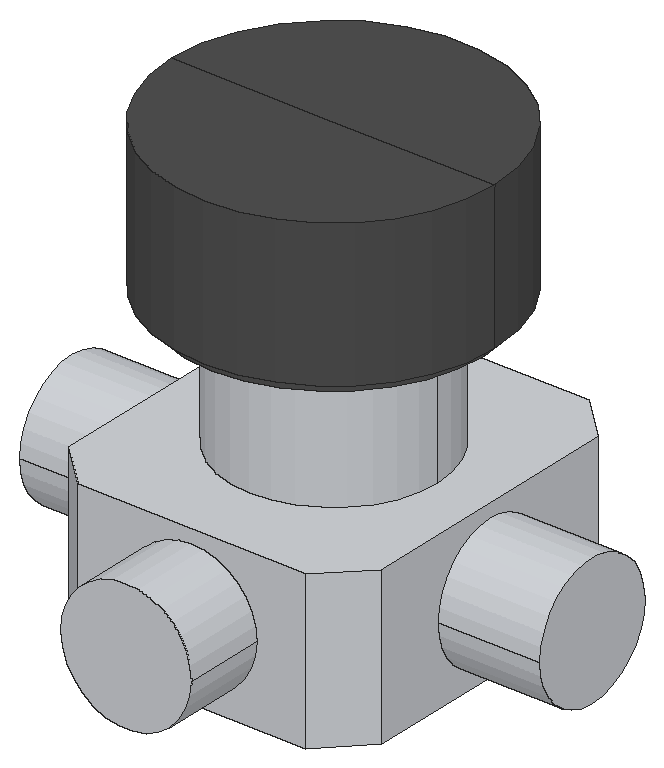
Revit family "Reece_Tap_Milli_Pure_Mixer_Progressive_Hob Mount", category Plumbing Fixtures, host Face, Revit 2018
Family settings
  Host = Face
  Round Connector Dimension = Use Diameter
  Part Type = Normal
  Cut with Voids When Loaded = No
  Shared = Yes
  Room Calculation Point = Yes
Parameters (values of type "Matte Black")
  WFU = 0  # constant formula
  URL = "https://www.reece.com.au/product/-2299022"
  Type Comments = "Tap"
  Reece_Tap_Inlet = 12 mm  # constant formula
  Reece_Product_Web Page = "https://www.reece.com.au/product/-2299022"
  Reece_Product_Type = "Tap"  # constant formula
  Reece_Product_Sub Brand = "Pure"  # constant formula
  Reece_Product_Number = "2299022"
  Reece_Product_Mount = "Hob Mounted"
  Reece_Product_Description = "Milli Pure Progressive Hob Mixer Tap Matte Black"
  Reece_Product_Brand = "Milli"  # constant formula
  Reece_Overall_Width = 62 mm  # constant formula
  Reece_Overall_Height = 30 mm  # constant formula
  Reece_Material-Main = Reece_Brass_Matte Black
  Reece_Detail_Tap_Handle Texture = ""
  Reece_Detail_Installation = ""
  Reece_Detail_Disclaimer = "THIS FILE IS THE PROPERTY OF THE REECE GROUP. IT MAY NOT BE REPRODUCED, REVERSE-ENGINEERED OR MODIFIED. ANY REPUBLICATION, TRANSMISSION OR DISTRIBUTION FOR THE PURPOSE OF COMMERCIALLY EXPLOITING THE FILES IS PROHIBITED."  # constant formula
  Reece_Detail_Connector = ""
  Reece_Detail_Additional = ""
  Model = "Pure"
  Manufacturer = "Milli"
  Keynote = "Product #2299022, Reece_Tap_Milli_Pure_Mixer_Progressive_Hob Mount - Matte Black"
  HWFU = 0  # constant formula
  Disclaimer = "THIS FILE IS THE PROPERTY OF THE REECE GROUP. IT MAY NOT BE REPRODUCED, REVERSE-ENGINEERED OR MODIFIED. ANY REPUBLICATION, TRANSMISSION OR DISTRIBUTION FOR THE PURPOSE OF COMMERCIALLY EXPLOITING THE FILES IS PROHIBITED."  # constant formula
  Description = "Milli Pure Progressive Hob Mixer Tap Matte Black"
  Default Elevation = 0 mm  # constant formula
  CWFU = 0  # constant formula
Types (7, lengths in mm): name | URL | Reece_Product_Web Page | Reece_Product_Number | Reece_Product_Description | Reece_Material-Main | Keynote | Description
  (no name) | "https://www.reece.com.au/product/-2299021" | "https://www.reece.com.au/product/-2299021" | "2299021" | "Milli Pure Progressive Hob Mixer Tap Chrome" | Reece_Brass_Chrome | "Product #2299021, Reece_Tap_Milli_Pure_Mixer_Progressive_Hob Mount -  " | "Milli Pure Progressive Hob Mixer Tap Chrome"
  Brushed Gunmetal | "https://www.reece.com.au/product/-2299024" | "https://www.reece.com.au/product/-2299024" | "2299024" | "Milli Pure Progressive Hob Mixer Tap Brushed Gunmetal" | Reece_Brass_Brushed Gunmetal | "Product #2299024, Reece_Tap_Milli_Pure_Mixer_Progressive_Hob Mount - Brushed Gunmetal" | "Milli Pure Progressive Hob Mixer Tap Brushed Gunmetal"
  Chrome | "https://www.reece.com.au/product/-2299021" | "https://www.reece.com.au/product/-2299021" | "2299021" | "Milli Pure Progressive Hob Mixer Tap Chrome" | Reece_Brass_Chrome | "Product #2299021, Reece_Tap_Milli_Pure_Mixer_Progressive_Hob Mount - Chrome" | "Milli Pure Progressive Hob Mixer Tap Chrome"
  Matte Black | "https://www.reece.com.au/product/-2299022" | "https://www.reece.com.au/product/-2299022" | "2299022" | "Milli Pure Progressive Hob Mixer Tap Matte Black" | Reece_Brass_Matte Black | "Product #2299022, Reece_Tap_Milli_Pure_Mixer_Progressive_Hob Mount - Matte Black" | "Milli Pure Progressive Hob Mixer Tap Matte Black"
  Brushed Nickel | "https://www.reece.com.au/product/-2299288" | "https://www.reece.com.au/product/-2299288" | "2299288" | "Milli Pure Progressive Hob Mixer Tap Brushed Nickel" | Reece_Brass_Brushed Nickel | "Product #2299288, Reece_Tap_Milli_Pure_Mixer_Progressive_Hob Mount - Brushed Nickel" | "Milli Pure Progressive Hob Mixer Tap Brushed Nickel"
  PVD Brushed Bronze | "https://www.reece.com.au/product/-9511151" | "https://www.reece.com.au/product/-9511151" | "9511151" | "Milli Pure Progressive Hob Mixer Tap PVD Brushed Bronze" | Reece_PVD_Brushed Bronze | "Product #9511151, Reece_Tap_Milli_Pure_Mixer_Progressive_Hob Mount - PVD Brushed Bronze" | "Milli Pure Progressive Hob Mixer Tap PVD Brushed Bronze"
  PVD Brushed Gold | "https://www.reece.com.au/product/-9510966" | "https://www.reece.com.au/product/-9510966" | "9510966" | "Milli Pure Progressive Hob Mixer Tap PVD Brushed Gold" | Reece_PVD_Brushed Gold | "Product #9510966, Reece_Tap_Milli_Pure_Mixer_Progressive_Hob Mount - PVD Brushed Gold" | "Milli Pure Progressive Hob Mixer Tap PVD Brushed Gold"
Reference planes
  plane 1 "Center (Front/Back)": y = 0
  plane 2 "Bottom": z = 0
  plane 3 "Center (Left/Right)": x = 0
  plane 4 "Top": z = 30
  plane 5: y = -31
  plane 6: y = 31
Forms (mm)
  Revolve 1, solid, material "Reece_Brass_Matte Black" <- "Reece_Material-Main"
    sketch origin (-50, 0, 0) x (1, 0, 0) y (0, 0, 1)
      loop
        line (81, 30) -> (50, 30) -> (50, 0) -> (79, 0) -> (79, 2) -> (81, 2) -> (81, 30)
      axis (50, 0) -> (50, 30)
    angle from 0 to 360
  Extrusion 2, solid
    sketch origin (-50, 0, 0) x (1, 0, 0) y (0, 1, 0)
      loop
        circle (50, 0) r 20
    from 0 to -25
  Extrusion 3, solid
    sketch origin (-50, 0, 0) x (1, 0, 0) y (0, 1, 0)
      loop
        line (28.147, 34) -> (20, 25.853) -> (20, -25.853) -> (28.147, -34) -> (71.853, -34) -> (80, -25.853) -> (80, 25.853) -> (71.853, 34) -> (28.147, 34)
    from -55 to -25
  Extrusion 4, solid
    sketch origin (-16.5, 50, 0) x (0, -1, 0) y (0, 0, 1)
      loop
        circle (50, -40) r 12.5
    from -66.119 to -46.5
  Extrusion 5, void
    sketch origin (50, 0, 0) x (-1, 0, 0) y (0, -1, 0)
      loop
        circle (50, 0) r 25
    from 0 to -30
  Extrusion 6, solid
    sketch origin (16.5, 50, 0) x (0, -1, 0) y (0, 0, -1)
      loop
        circle (50, 40) r 12.5
    from -66.5 to -46.5
  Extrusion 7, solid
    sketch origin (-50, 16.5, 0) x (1, 0, 0) y (0, 0, -1)
      loop
        circle (50, 40) r 12.5
    from -66.119 to -46.5
Cuts and joins
  Extrusion 5 cuts Extrusion 4
  joined: Extrusion 2, Extrusion 3, Extrusion 4, Extrusion 6, Extrusion 7
Text (mm)
  text "Reece Copyright © 2018, Reece Ltd." at (-1146.244, -273.583, 0), in view "Ref. Level"
  text "Reece ©" at (44.384, 258.95, 192.345), in view "Reece Preview"
Dimensions and locks
  "Reece_Overall_Width": plane 6 to plane 5
  "Reece_Overall_Height": plane 4 "Top" to plane 2 "Bottom"  (x2)
  equal spacing: plane 6, plane 1 "Center (Front/Back)", plane 5
  aligned and locked: plane 2 "Bottom" to host face
  aligned and locked: level to host face
Automatic sketch dimensions
  host sketch curve to host sketch curve = 380.785 mm
  host sketch curve to host sketch curve = 317.421 mm
  Revolve 1 sketch curve to plane 4 "Top" = 0 mm  (x2)
  Revolve 1 sketch curve to level = 0 mm
  plane 3 "Center (Left/Right)" to Revolve 1 sketch curve = 0 mm
  Revolve 1 sketch curve to Revolve 1 sketch curve = 29 mm
  Revolve 1 sketch curve to Revolve 1 sketch curve = 2 mm
  level to Revolve 1 sketch curve = 2 mm
  Revolve 1 sketch curve to Revolve 1 sketch curve = 0 mm
  plane 4 "Top" to Revolve 1 sketch curve = 10 mm
  Extrusion 2 sketch curve to Extrusion 2 sketch curve = 0 mm  (x2)
  plane 1 "Center (Front/Back)" to Extrusion 2 sketch curve = 0 mm
  plane 3 "Center (Left/Right)" to Extrusion 2 sketch curve = 0 mm
  Extrusion 2 sketch curve to Extrusion 2 sketch curve = 20 mm
  Extrusion 3 sketch curve to plane 5 = 5.147 mm  (x2)
  Extrusion 3 sketch curve to plane 3 "Center (Left/Right)" = 30 mm
  plane 6 to Extrusion 3 sketch curve = 3 mm
  Extrusion 3 sketch curve to Extrusion 3 sketch curve = 8.147 mm  (x3)
  plane 5 to Extrusion 3 sketch curve = 3 mm
  Extrusion 3 sketch curve to Extrusion 3 sketch curve = 43.706 mm  (x2)
  Extrusion 3 sketch curve to plane 6 = 5.147 mm  (x2)
  Extrusion 4 sketch curve to plane 1 "Center (Front/Back)" = 0 mm
  Extrusion 4 sketch curve to level = 40 mm
  Extrusion 5 sketch curve to Extrusion 5 sketch curve = 0 mm  (x2)
  plane 1 "Center (Front/Back)" to Extrusion 5 sketch curve = 0 mm
  Extrusion 5 sketch curve to plane 3 "Center (Left/Right)" = 0 mm
  Extrusion 5 sketch curve to Extrusion 5 sketch curve = 25 mm
  Extrusion 6 sketch curve to plane 1 "Center (Front/Back)" = 0 mm
  Extrusion 6 sketch curve to level = 40 mm
  plane 3 "Center (Left/Right)" to Extrusion 7 sketch curve = 0 mm
  Extrusion 7 sketch curve to level = 40 mm
  radius of Extrusion 4 sketch curve = 12.5 mm
  radius of Extrusion 6 sketch curve = 12.5 mm
  radius of Extrusion 7 sketch curve = 12.5 mm
Connectors
  piping at (49.619, 0, -40), diameter 12, driven by "Reece_Tap_Inlet"
    settings: on cut or joined group of Extrusion 2, Extrusion 3, Extrusion 4, Extrusion 5, Extrusion 6, Extrusion 7, index 2, connector inside diameter 609.6 mm, connector length 0 mm, flow factor 0, pipe flow 0.0 L/s, pressure drop 0.0 Pa, fitting loss kfactor 0, connector angle 0.00°, fixture units 0, engagement length 0 mm, angle of deflection 0.00°, flow configuration 0, flow direction 2, fitting loss method 0, system type 29, joint type 0, gender type 0, connector reference index -1, connector utility 0, adjustable connector no, is connector primary yes, connector description ""
  piping at (0, -49.619, -40), diameter 12, driven by "Reece_Tap_Inlet"
    settings: on Extrusion 7, index 4, connector inside diameter 609.6 mm, connector length 0 mm, flow factor 0, pipe flow 0.0 L/s, pressure drop 0.0 Pa, fitting loss kfactor 0, connector angle 0.00°, fixture units 0, engagement length 0 mm, angle of deflection 0.00°, flow configuration 0, flow direction 1, fitting loss method 0, system type 29, joint type 0, gender type 0, connector reference index -1, connector utility 0, adjustable connector no, is connector primary no, connector description ""
  piping at (-50, 0, -40), diameter 12, driven by "Reece_Tap_Inlet"
    settings: on Extrusion 6, index 5, connector inside diameter 609.6 mm, connector length 0 mm, flow factor 0, pipe flow 0.0 L/s, pressure drop 0.0 Pa, fitting loss kfactor 0, connector angle 0.00°, fixture units 0, engagement length 0 mm, angle of deflection 0.00°, flow configuration 0, flow direction 2, fitting loss method 0, system type 29, joint type 0, gender type 0, connector reference index -1, connector utility 0, adjustable connector no, is connector primary no, connector description ""
